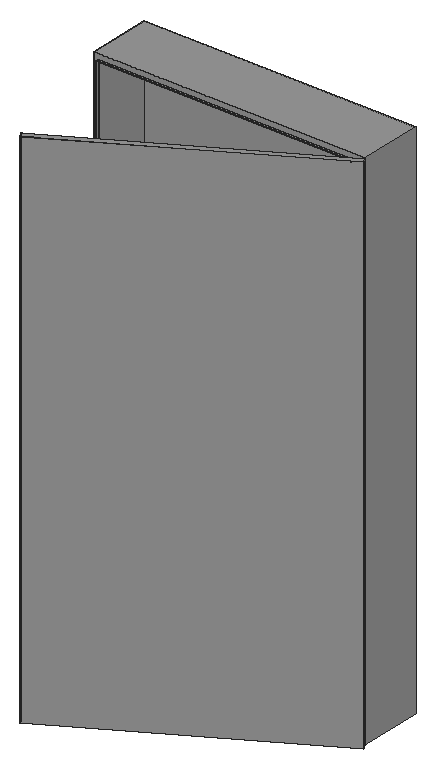
Revit family "Hager-Univers-IP44-D205-H1550-Cl.II-Encl-NoHosted-PT-pt", category Electrical Equipment, Revit 2020
Family settings
  Panel Configuration = Two Columns, Circuits Across
  Round Connector Dimension = Use Diameter
  Part Type = Panelboard
  Work Plane-Based = Yes
  Always vertical = Yes
  Cut with Voids When Loaded = No
  Shared = No
  Room Calculation Point = No
Parameters (values of type "Montagem em superfície (gesso) IP44 L800 A1550 P205  - FP03SN2")
  Width Control [instance] = if([EF000008 - Largura] > Min Width, [EF000008 - Largura], Min Width)  # 800 mm
  Type Comments = [HG000003 - Gama]  # "Univers"
  Thickness Door [instance] = if([EF009171 - Espessura do material da porta/tampa] > 3 mm, 3 mm, [EF009171 - Espessura do material da porta/tampa])  # 1 mm
  Seal Frame Offset [instance] = 17 mm  # constant formula
  Plinth Visibility [instance] = [HG000027 - Altura da Plinta] > 0 mm  # no
  Min Width [instance] = 100 mm  # constant formula
  Min Depth [instance] = (2 * [EF009170 - Espessura do material do invólucro]) + 1 mm  # 3 mm
  Min Height [instance] = 100 mm  # constant formula
  Internal Frame Depth [instance] = (Door System Depth * 0.5)  # 9 mm
  Panel Name [instance] = ""  # (empty or 0)
  Model = ""
  HG000027 - Altura da Plinta = 0 mm
  HG000026 - Instalação no chão = no
  HG000024 - Altura da secção inferior = 600 mm
  HG000023 - Recinto de secção dupla = no
  HG000016 - Visibilidade da porta 3D [instance] = yes
  HG000015 - Visibilidade através da porta [instance] = no
  HG000014 - Porta à direita [instance] = yes
  HG000013 - Porta à esquerda [instance] = not([HG000014 - Porta à direita])  # no
  HG000012 - Ângulo de abertura de porta [instance] = 30.00°
  HG000010 - Portas assimétricas = no
  HG000009 - Porta dupla = no
  HG000006 - Encastrado = no
  HG000004 - Referência do Fabricante = "FP03SN2"
  HG000003 - Gama = "Univers"
  HG000002 - Com porta ou tampa = yes
  Frame Offset Bottom [instance] = 10 mm  # constant formula
  Frame Offset [instance] = 15 mm  # constant formula
  EF015940 - Tampa com libertação de sobrepressão = no
  EF011959 - Grau de proteção (NEMA) = ""
  EF009554 - Número de aberturas para placas de flange = 6
  EF009212 - Tipo de tampa = "EV000116 - Fechado"
  EF009171 - Espessura do material da porta/tampa = 1 mm
  EF009170 - Espessura do material do invólucro = 1 mm
  EF008873 - Corrente nominal (In) = 250 A
  EF007800 - Adequado para proteção contra raios = no
  EF006306 - Com fecho = no
  EF006244 - Tampa/porta transparente = no
  EF005474 - Grau de proteção (IP) = "EV006418 - IP44"
  EF004464 - Tipo de porta = "EV002646 - Único"
  EF004427 - Número de módulos = 360
  EF004293 - Força de impacto = "EV006815 - IK09"
  EF003532 - Adequado para uso no exterior = no
  EF002950 - Largura em número de módulos = 36
  EF001613 - Integridade do circuito = "EV000494 - Nenhum"
  EF001596 - Material do corpo = "EV000179 - Aço"
  EF001131 - Profundidade interior = 143 mm
  EF001088 - Extensão possível = yes
  EF000437 - Número de entradas de condutores = 6
  EF000339 - Tipo de difusor = "EV001012 - Tampa"
  EF000266 - Número de linhas = 10
  EF000218 - Profundidade incorporada = 205 mm
  EF000118 - Com tampa de montagem = no
  EF000116 - Número RAL = "9010"
  EF000049 - Profundidade = 205 mm
  EF000040 - Altura = 1550 mm
  EF000008 - Largura = 800 mm
  EF000007 - Cor = "EV000202 - Branco"
  EF000003 - Método de montagem = "EV000384 - Montagem em superfície (gesso)"
  Door System Leaf Tolerance [instance] = 1.5 mm  # constant formula
  Door System Depth [instance] = 18 mm  # constant formula
  Door Height [instance] = Height Control - [HG000027 - Altura da Plinta]  # 1550 mm
  Description = ""
  Default Elevation = 1219.2 mm
  Connector Offset [instance] = Height Control / 2  # 775 mm
  Manufacturer = "Hager"  # constant formula
  Height Control [instance] = if([EF000040 - Altura] > Min Height, [EF000040 - Altura], Min Height)  # 1550 mm
  Depth Control [instance] = if([EF000049 - Profundidade] > Min Depth, [EF000049 - Profundidade], Min Depth)  # 205 mm
  Bottom Top Plate Trim [instance] = 1.5 mm  # constant formula
  Plinth height Ctrl [instance] = if([HG000027 - Altura da Plinta] > 0 mm, [HG000027 - Altura da Plinta], 12 mm)  # 12 mm
Types (5, lengths in mm): name | Width Control | HG000009 - Porta dupla | HG000004 - Referência do Fabricante | EF009554 - Número de aberturas para placas de flange | EF008873 - Corrente nominal (In) | EF004464 - Tipo de porta | EF004427 - Número de módulos | EF002950 - Largura em número de módulos | EF001131 - Profundidade interior | EF000437 - Número de entradas de condutores | EF000008 - Largura
  Montagem em superfície (gesso) IP44 L1050 A1550 P205  - FP04SN2 | 1050 | yes | "FP04SN2" | 8 | 400 A | "EV003602 - Duplo" | 480 | 48 | 143 | 8 | 1050
  Montagem em superfície (gesso) IP44 L1300 A1550 P205  - FP05SN2 | 1300 | yes | "FP05SN2" | 10 | 400 A | "EV003602 - Duplo" | 600 | 60 | 143 | 10 | 1300
  Montagem em superfície (gesso) IP44 L300 A1550 P205  - FP01SN2 | 300 | no | "FP01SN2" | 2 | 250 A | "EV002646 - Único" | 120 | 12 | 130 | 2 | 300
  Montagem em superfície (gesso) IP44 L550 A1550 P205  - FP02SN2 | 550 | no | "FP02SN2" | 4 | 250 A | "EV002646 - Único" | 240 | 24 | 143 | 4 | 550
  Montagem em superfície (gesso) IP44 L800 A1550 P205  - FP03SN2 | 800 | no | "FP03SN2" | 6 | 250 A | "EV002646 - Único" | 360 | 36 | 143 | 6 | 800
Reference planes
  plane 1 "Center (Front/Back)": y = 0
  plane 2: z = 0
  plane 3 "Center (Left/Right)": x = 0
  plane 4: y = 0
  plane 5: y = 0
  plane 6: z = 0
  plane 7: x = -400
  plane 8: x = 400
  plane 9: x = 399
  plane 10: x = -399
  plane 11: z = 0
  plane 12: z = 1
  plane 13: y = -205
  plane 14: y = -1
  plane 15: x = 0
  plane 16: y = -187
  plane 17: y = -204
  plane 18: y = -186
  plane 19: x = -384
  plane 20: x = 384
  plane 21: z = 11
  plane 22: x = -383
  plane 23: x = 383
  plane 24: z = 0
  plane 25: z = 1550
  plane 26: z = 1550
  plane 27: z = 1534
  plane 28: z = 1549
Forms (mm)
  Extrusion 1, solid, material "Hager_Steel_RAL7035_Light_Grey", detail levels medium+fine
    sketch origin (-208.679, -4572, 0) x (-1, 0, 0) y (0, -1, 0)
      loop
        line (191.321, -4385) -> (-608.679, -4385) -> (-608.679, -4572) -> (191.321, -4572) -> (191.321, -4385)
    from 0 to 1550
  Extrusion 2, void
    sketch origin (-350.771, -205, 1219.2) x (1, 0, 0) y (0, 0, 1)
      loop
        line (-48.229, 329.8) -> (-48.229, -1218.2) -> (749.771, -1218.2) -> (749.771, 329.8) -> (-48.229, 329.8)
    from -19 to -204
  Extrusion 3, void
    sketch origin (-290.084, -187, 1219.2) x (1, 0, 0) y (0, 0, 1)
      loop
        line (-93.916, -1208.2) -> (674.084, -1208.2) -> (674.084, 314.8) -> (-93.916, 314.8) -> (-93.916, -1208.2)
    from 0 to -1
  Extrusion 4, solid, material "Hager_Steel_RAL7035_Light_Grey", visible <- "Plinth Visibility", detail levels medium+fine
    sketch origin (0, 0, 0) x (1, 0, 0) y (0, 1, 0)
      loop
        line (-400, 0) -> (-400, -187) -> (400, -187) -> (400, 0) -> (-400, 0)
    from 0 to 12 <- "Plinth height Ctrl"
  Extrusion 5, solid, material "Hager_Steel_RAL7035_Light_Grey", detail levels coarse
    sketch origin (0, 0, 0) x (1, 0, 0) y (0, 1, 0)
      loop
        line (-400, 0) -> (-400, -205) -> (400, -205) -> (400, 0) -> (-400, 0)
    from 0 to 1550 <- "Height Control"
  Sweep 6, void
    path in 3D
      loop
        line (-400, -187, 12) -> (400, -187, 12) -> (400, 0, 12) -> (-400, 0, 12) -> (-400, -187, 12)
    profile origin (-400, -93.5, 12) x (1, 0, 0) y (0, 0, 1)
      loop
        line (0, 0) -> (0, -1.5) -> (1.5, -1.5)
        arc (1.5, -1.5) -> (1.061, -0.439) -> (0, 0) r 1.5
  Extrusion 7, solid, material "Hager_Steel_RAL7035_Light_Grey", detail levels fine
    sketch origin (-400, -187, 0) x (1, 0, 0) y (0, 0, 1)
      loop
        line (16, 11) -> (784, 11) -> (784, 1534) -> (16, 1534) -> (16, 11)
      loop
        line (15, 10) -> (785, 10) -> (785, 1535) -> (15, 1535) -> (15, 10)
    from 0 to 9 <- "Internal Frame Depth"
Cuts and joins
  Extrusion 2, Extrusion 3 cuts Extrusion 1
  Sweep 6 cuts Extrusion 4
Lines and regions (mm)
  Masking region 1
    outline origin (0, 0, 0) x (1, 0, 0) y (0, 1, 0)
      loop
        line (-400, 0) -> (-400, -205) -> (400, -205) -> (400, 0) -> (-400, 0)
  Masking region 2, detail levels coarse
    outline origin (-290.084, -187, 1219.2) x (-1, 0, 0) y (0, 0, 1)
      loop
        line (-690.084, -1219.2) -> (109.916, -1219.2) -> (109.916, 330.8) -> (-690.084, 330.8) -> (-690.084, -1219.2)
  Masking region 3, detail levels coarse
    outline origin (0, 0, 0) x (0, 1, 0) y (0, 0, 1)
      loop
        line (0, 0) -> (0, 1550) -> (-205, 1550) -> (-205, 0) -> (0, 0)
  Masking region 4, visible <- "Plinth Visibility", detail levels medium+fine
    outline origin (0, 0, 0) x (0, 1, 0) y (0, 0, 1)
      loop
        line (-1.5, 12) -> (-185.5, 12)
        arc (-185.5, 12) -> (-185.939, 10.939) -> (-187, 10.5) r 1.5
        line (-187, 10.5) -> (-187, 0) -> (0, 0) -> (0, 10.5)
        arc (0, 10.5) -> (-1.061, 10.939) -> (-1.5, 12) r 1.5
  Masking region 5, detail levels medium+fine
    outline origin (0, 0, 594.038) x (0, 1, 0) y (0, 0, 1)
      loop
        line (0, -594.038) -> (0, 955.962) -> (-187, 955.962) -> (-187, -594.038) -> (0, -594.038)
  Masking region 6, detail levels medium+fine
    outline origin (-359.7, -187, 1211.883) x (-1, 0, 0) y (0, 0, 1)
      loop
        line (-759.7, -1211.883) -> (40.3, -1211.883) -> (40.3, 338.117) -> (-759.7, 338.117) -> (-759.7, -1211.883)
  Masking region 7, visible <- "Plinth Visibility", detail levels medium+fine
    outline origin (-320.334, -187, 1041.368) x (-1, 0, 0) y (0, 0, 1)
      loop
        line (-720.334, -1041.368) -> (79.666, -1041.368) -> (79.666, -1030.868)
        arc (79.666, -1030.868) -> (78.606, -1030.429) -> (78.166, -1029.368) r 1.5
        line (78.166, -1029.368) -> (-718.834, -1029.368)
        arc (-718.834, -1029.368) -> (-719.273, -1030.429) -> (-720.334, -1030.868) r 1.5
        line (-720.334, -1030.868) -> (-720.334, -1041.368)
  sketch lines
    curve 1: line (-400, 0, 12) -> (-400, -187, 12)
    curve 2: line (-400, -187, 12) -> (400, -187, 12)
    curve 3: line (400, 0, 12) -> (-400, 0, 12)
    curve 4: line (400, -187, 12) -> (400, 0, 12)
Dimensions and locks
  locked: plane 1 "Center (Front/Back)" to plane 5
  "EF009170 - Espessura do material do invólucro": plane 7 to plane 10
  "EF009170 - Espessura do material do invólucro": plane 8 to plane 9
  equal spacing: plane 7, plane 3 "Center (Left/Right)", plane 8
  "Width Control": plane 7 to plane 8
  "Depth Control": plane 4 to plane 13
  "EF009170 - Espessura do material do invólucro": plane 4 to plane 14
  "Height Control": plane 25 to level
  "HG000027 - Altura da Plinta": plane 11 to level
  "EF009170 - Espessura do material do invólucro": plane 12 to plane 11
  "EF009170 - Espessura do material do invólucro": plane 17 to plane 13
  "EF009170 - Espessura do material do invólucro": plane 18 to plane 16
  "Frame Offset Bottom": plane 21 to plane 12
  "Frame Offset": plane 10 to plane 19
  "Frame Offset": plane 9 to plane 20
  "Door System Depth": plane 16 to plane 13
  "Seal Frame Offset": plane 7 to plane 22
  "Seal Frame Offset": plane 8 to plane 23
  "EF009170 - Espessura do material do invólucro": plane 26 to plane 28
  "Frame Offset": plane 28 to plane 27
  "Connector Offset": plane 2 to connector elem
  "Bottom Top Plate Trim": profile plane to Sweep 6 sketch curve
  "Bottom Top Plate Trim": Sweep 6 sketch curve to Sweep 6 sketch curve
  "Plinth height Ctrl": Masking region 4 sketch curve to level
  "Plinth height Ctrl": Masking region 7 sketch curve to level
  "Thickness Door": Extrusion 7 sketch curve to Extrusion 7 sketch curve  (x4)
  "Bottom Top Plate Trim": radius of Sweep 6 sketch curve
  "Bottom Top Plate Trim": radius of Masking region 4 sketch curve  (x2)
  "Bottom Top Plate Trim": radius of Masking region 7 sketch curve  (x2)
  aligned and locked: Extrusion 2 sketch curve to plane 12
  aligned and locked: Extrusion 2 sketch curve to plane 9
  aligned and locked: Extrusion 2 sketch curve to plane 10
  aligned and locked: Extrusion 2 to plane 14
  aligned and locked: Extrusion 1 sketch curve to plane 4
  aligned and locked: plane 8 to Extrusion 1 sketch curve
  aligned and locked: plane 7 to Extrusion 1 sketch curve
  aligned and locked: Extrusion 2 to plane 18
  aligned and locked: Extrusion 3 sketch curve to plane 19
  aligned and locked: plane 20 to Extrusion 3 sketch curve
  aligned and locked: Extrusion 3 to Extrusion 2
  aligned and locked: Extrusion 3 sketch curve to plane 21
  aligned and locked: plane 3 "Center (Left/Right)" to nested 1
  aligned and locked: Extrusion 1 sketch curve to plane 16
  aligned and locked: Extrusion 4 sketch curve to cut or joined group of Extrusion 1, Extrusion 2, Extrusion 3
  aligned and locked: Masking region 1 sketch curve to plane 7
  aligned and locked: Masking region 1 sketch curve to plane 5
  aligned and locked: Masking region 1 sketch curve to plane 8
  aligned and locked: Masking region 2 sketch curve to level
  aligned and locked: level to Masking region 3 sketch curve
  aligned and locked: plane 1 "Center (Front/Back)" to Masking region 3 sketch curve
  aligned and locked: plane 13 to Masking region 3 sketch curve
  aligned and locked: plane 5 to Masking region 4 sketch curve
  aligned and locked: Masking region 2 sketch curve to plane 8
  aligned and locked: Masking region 2 sketch curve to plane 7
  aligned and locked: plane 7 to nested 2
  aligned and locked: nested 2 to plane 5
  aligned and locked: plane 5 to Masking region 5 sketch curve
  aligned and locked: plane 26 to Masking region 5 sketch curve
  aligned and locked: Extrusion 5 sketch curve to plane 8
  aligned and locked: Extrusion 5 sketch curve to plane 7
  aligned and locked: Extrusion 5 sketch curve to plane 5
  aligned and locked: Extrusion 3 sketch curve to plane 27
  aligned and locked: Extrusion 2 sketch curve to plane 28
  aligned and locked: Masking region 2 to plane 25
  aligned and locked: Extrusion 4 to plane 16
  aligned and locked: profile plane to Sweep 6 sketch curve
  aligned and locked: Masking region 5 sketch curve to plane 24
  aligned and locked: level to Masking region 4 sketch curve
  aligned and locked: Masking region 1 to plane 13
  aligned and locked: nested 1 to plane 16
  aligned and locked: Masking region 3 to plane 25
  aligned and locked: plane 16 to Masking region 4 sketch curve
  aligned and locked: Masking region 5 sketch curve to plane 16
  aligned and locked: plane 24 to plane 11
  aligned and locked: plane 26 to plane 25
  aligned and locked: plane 26 to cut or joined group of Extrusion 1, Extrusion 2, Extrusion 3
  aligned and locked: nested 1 to plane 24
  aligned and locked: Extrusion 1 to Extrusion 3
  aligned and locked: Masking region 6 sketch curve to plane 8
  aligned and locked: Masking region 6 sketch curve to plane 24
  aligned and locked: Masking region 6 sketch curve to plane 7
  aligned and locked: Masking region 6 sketch curve to plane 26
  aligned and locked: Masking region 7 sketch curve to plane 7
  aligned and locked: level to Masking region 7 sketch curve
  aligned and locked: Masking region 7 sketch curve to plane 8
  aligned and locked: Extrusion 7 sketch curve to cut or joined group of Extrusion 1, Extrusion 2, Extrusion 3  (x4)
Automatic sketch dimensions
  plane 19 to Extrusion 3 sketch curve = 0 mm
  Extrusion 3 sketch curve to plane 20 = 0 mm
  Extrusion 3 sketch curve to plane 21 = 0 mm
  Extrusion 4 sketch curve to plane 7 = 0 mm
  Extrusion 4 sketch curve to plane 8 = 0 mm
  Extrusion 4 sketch curve to plane 16 = 0 mm
  Masking region 1 sketch curve to plane 13 = 0 mm
  Masking region 2 sketch curve to plane 25 = 0 mm
  Masking region 3 sketch curve to plane 25 = 0 mm
  Extrusion 5 sketch curve to plane 13 = 0 mm
  profile plane to Sweep 6 sketch curve = 0 mm
Nested families
  nested 1: "EC000058_Univers_Door" at (0, -187, 0), Double <- "HG000009 - Porta dupla", Transparent <- "EF006244 - Tampa/porta transparente", Angle <- "HG000012 - Ângulo de abertura de porta", Door_Right <- "HG000014 - Porta à direita", Assymetrical <- "HG000010 - Portas assimétricas", Door <- "HG000002 - Com porta ou tampa", Width_Ctrl <- "Width Control", 3d_Door <- "HG000016 - Visibilidade da porta 3D", Clearance <- "HG000015 - Visibilidade através da porta", Door_Left <- "HG000013 - Porta à esquerda", Width <- "Width Control", Door_Depth <- "Door System Depth", Leaf_Tolerance <- "Door System Leaf Tolerance", Height <- "Door Height", Lock_Visibility <- "EF006306 - Com fecho", Thickness <- "Thickness Door", type "EC000058_Univers_Door", detail levels medium+fine
    with min_wh 3 mm, Width_Ctrl 800 mm, Width 800 mm, Transparent no, Thickness 1 mm, Seal_Material Hager_Rubber, Lock_Visibility no, Lock_Material Hager_Plastic_RAL9005_Jet_Black, Leaf_Width 800 mm, Leaf_Tolerance_External_Sides 0 mm, Leaf_Tolerance 1.5 mm, Leaf_Offset 0 mm, Leaf_Height 1547 mm, Leaf_2_Width 800 mm, Leaf_2_Offset 400 mm, Leaf_1_Width 800 mm, Leaf_1_Offset 400 mm, Height_Ctrl 1550 mm, Height 1550 mm, Glass_Material Hager_Glass, Double_Clearance_Ctrl no, Double no, Door_Right_Ctrl yes, Door_Right yes, Door_Material Hager_Steel_RAL7035_Light_Grey, Door_Left_Ctrl no, Door_Left no, Door_Depth 18 mm, Door yes, Clearance_Material Hager_Clearance, Clearance_Depth 800 mm, Clearance_Ctrl no, Clearance no, Assymetrical no, Angle 30.00°, 3d_Door yes
  nested 2: "Hager_Enclosure_Symbol" at (-400, 0, 0), Height <- "Depth Control", Width <- "Width Control", type "Hager_Enclosure_Symbol"
    with Width_Ctrl 800 mm, Width 800 mm, Height_Ctrl 205 mm, Height 205 mm, A_Width_Int 13.453 mm, A_Width 161.438 mm, A_Height_Ctrl 179.375 mm, A_Height 179.375 mm
Connectors
  electrical at (0, 0, 775)
    settings: on plane 1 "Center (Front/Back)", index 1, voltage 0 V, apparent load 0 VA, apparent load phase1 0 VA, apparent load phase2 0 VA, apparent load phase3 0 VA, power factor 1, load classification "Other", number of poles 1, system type 30, power factor state 1, is connector primary yes, connector utility no, sub classification motor no, connector description ""
Definition of nested family "EC000058_Univers_Door"
  Parameters (values of type "EC000058_Univers_Door")
    min_wh [instance] = (2 * Thickness) + 1 mm  # 11 mm
    Width_Ctrl [instance] = 400 mm
    Width [instance] = 500 mm
    Transparent [instance] = yes
    Thickness [instance] = 5 mm
    Seal_Material [instance] = none
    Lock_Visibility [instance] = yes
    Lock_Material [instance] = none
    Leaf_Width [instance] = if((Width_Ctrl - 2 * Leaf_Tolerance_External_Sides) > 0 mm, (Width_Ctrl - 2 * Leaf_Tolerance_External_Sides), min_wh)  # 400 mm
    Leaf_Tolerance_External_Sides [instance] = 0 mm  # constant formula
    Leaf_Tolerance [instance] = 1.5 mm
    Leaf_Offset [instance] = 0 mm  # constant formula
    Leaf_Height [instance] = if((Height_Ctrl - 2 * Leaf_Tolerance) > 0 mm, (Height_Ctrl - 2 * Leaf_Tolerance), min_wh)  # 497 mm
    Leaf_2_Width [instance] = if(and(and(Double, Assymetrical), Door_Left), (Leaf_Width / 3) - (Leaf_Tolerance / 2), if(and(and(Double, Assymetrical), Door_Right), (Leaf_Width / 3) * 2 - (Leaf_Tolerance / 2), if(and(Double, not(Assymetrical)), (Leaf_Width / 2) - Leaf_Tolerance, Leaf_Width)))  # 400 mm
    Leaf_2_Offset [instance] = if(and(Double, Assymetrical), Leaf_2_Width / 2, if(and(Double, not(Assymetrical)), Leaf_Width / 4, Leaf_Width / 2))  # 200 mm
    Leaf_1_Width [instance] = if(and(and(Double, Assymetrical), Door_Right), (Leaf_Width / 3) - (Leaf_Tolerance / 2), if(and(and(Double, Assymetrical), Door_Left), (Width / 3) * 2 - (Leaf_Tolerance / 2), if(and(Double, not(Assymetrical)), (Leaf_Width / 2) - Leaf_Tolerance, Leaf_Width)))  # 400 mm
    Leaf_1_Offset [instance] = if(and(Double, Assymetrical), Leaf_1_Width / 2, if(and(Double, not(Assymetrical)), Leaf_Width / 4, Leaf_Width / 2))  # 200 mm
    Height_Ctrl [instance] = if(Height > min_wh, Height, min_wh)  # 500 mm
    Height [instance] = 500 mm
    Glass_Material [instance] = none
    Double_Clearance_Ctrl [instance] = and(Double, Clearance)  # no
    Double [instance] = no
    Door_Right_Ctrl [instance] = and(or(Door_Right, Double), Door)  # yes
    Door_Right [instance] = yes
    Door_Material [instance] = none
    Door_Left_Ctrl [instance] = and(or(Door_Left, Double), Door)  # no
    Door_Left [instance] = no
    Door_Depth [instance] = 30 mm
    Door [instance] = yes
    Default Elevation = 1219.2 mm
    Clearance_Material [instance] = none
    Clearance_Depth [instance] = if(Leaf_1_Width > Leaf_2_Width, Leaf_1_Width, Leaf_2_Width)  # 400 mm
    Clearance_Ctrl [instance] = and(not(Double), Clearance)  # yes
    Clearance [instance] = yes
    Assymetrical [instance] = yes
    Angle [instance] = 30.00°
    3d_Door [instance] = yes
  Reference planes
    plane 1 "Center (Front/Back)": y = 0
    plane 2 "Bottom": z = 0
    plane 3 "Center (Left/Right)": x = 0
    plane 4: z = 500
    plane 5: x = -200
    plane 6: x = 200
    plane 7: z = 500
    plane 8: x = -200
    plane 9: z = 0
    plane 10: x = 200
    plane 11: y = 0
    plane 12: z = 1.5
    plane 13: x = -600
    plane 14: y = -400
    plane 15: x = 600
    plane 16: x = 0
    plane 17: x = 0
    plane 18: x = -200
    plane 19: x = 200
    plane 20: z = 498.5
  Forms (mm)
    Extrusion 1, solid, material <- "Clearance_Material", visible <- "Double_Clearance_Ctrl"
      sketch origin (1200, 0, 0) x (1, 0, 0) y (0, 0, -1)
        loop
          line (-1800, -498.5) -> (-600, -498.5) -> (-600, 0) -> (-1800, 0) -> (-1800, -498.5)
      from 0 to -400
  Dimensions and locks
    equal spacing: plane 5, plane 3 "Center (Left/Right)", plane 6
    "Width_Ctrl": plane 5 to plane 6
    "Leaf_Offset": plane 5 to plane 8
    "Leaf_Offset": plane 6 to plane 10
    "Leaf_Offset": plane 9 to level
    "Leaf_Offset": plane 4 to plane 7
    "Height_Ctrl": plane 4 to level
    "Leaf_Tolerance": plane 12 to plane 9
    locked: plane 11 to plane 1 "Center (Front/Back)"
    "Leaf_1_Offset": plane 18 to plane 16
    "Leaf_2_Offset": plane 17 to plane 19
    "Leaf_1_Width": plane 13 to plane 8
    "Leaf_2_Width": plane 10 to plane 15
    "Clearance_Depth": plane 14 to plane 1 "Center (Front/Back)"
    "Leaf_Tolerance_External_Sides": plane 8 to plane 18
    "Leaf_Tolerance_External_Sides": plane 19 to plane 10
    "Leaf_Tolerance": plane 7 to plane 20
    aligned and locked: level to plane 2 "Bottom"
    aligned and locked: nested 1 to plane 16
    aligned and locked: nested 2 to plane 17
    aligned and locked: Extrusion 1 to plane 13
    aligned and locked: plane 15 to Extrusion 1
    aligned and locked: Extrusion 1 to plane 14
    aligned and locked: plane 12 to nested 1
    aligned and locked: nested 2 to plane 12
    aligned and locked: Extrusion 1 to plane 11
    aligned and locked: plane 20 to Extrusion 1
    aligned and locked: nested 2 to plane 11
    aligned and locked: nested 1 to plane 11
  Automatic sketch dimensions
    Extrusion 1 sketch curve to level = 0 mm
    plane 5 to Extrusion 1 sketch curve = 400 mm
    plane 6 to Extrusion 1 sketch curve = 400 mm
    Extrusion 1 sketch curve to plane 4 = 1.5 mm
  Nested families
    nested 1: "EC000058_Univers_Door_Leaf" at (0, 0, 1.5), Width <- "Leaf_1_Width", visible <- "Door_Left_Ctrl", Leaf_Height <- "Leaf_Height", Angle <- "Angle", 3d_Door <- "3d_Door", Transparent <- "Transparent", Clearance Material <- "Clearance_Material", Clearance <- "Clearance_Ctrl", Door_Material <- "Door_Material", Glass_Material <- "Glass_Material", Door_Depth <- "Door_Depth", Lock_Material <- "Lock_Material", Seal_Material <- "Seal_Material", Lock_Visibility <- "Lock_Visibility", Thickness <- "Thickness", type "EC000058_Univers_Door_Leaf"
      with Width 400 mm, Transparent_Glass_Offset 30 mm, Transparent_Ctrl yes, Transparent yes, Thickness 5 mm, Standard no, Seal_Material none, Seal_D2 8 mm, Seal_D1 1 mm, Offset_Internal_Frame 10 mm, Lock_Width 20 mm, Lock_Visibility_3d yes, Lock_Visibility yes, Lock_Thickness_3 3 mm, Lock_Thickness_2 1 mm, Lock_Thickness_1 3 mm, Lock_Radius_Offset_2 16 mm, Lock_Radius_Offset_1 15 mm, Lock_Radius_2 5 mm, Lock_Radius 6 mm, Lock_Offset 5 mm, Lock_Material none, Lock_Height 80 mm, Lock_Cover_Top_Offset_2d 17 mm, Lock_Cover_Height -65 mm, Leaf_Height 497 mm, Internal_Seal_Thickness 8 mm, Internal_Seal_Depth_2 4.5 mm, Internal_Frame_Depth 25 mm, Glass_Thickness -1 mm, Glass_Offset -2 mm, Glass_Material none, Door_Material none, Door_Depth 30 mm, Clearance Material none, Clearance yes, Angle_Ctrl 30.00°, Angle 30.00°, 3d_Door yes
    nested 2: "EC000058_Univers_Door_Leaf" at (0, 0, 1.5) x (-1, 0, 0) z (0, 0, 1), Width <- "Leaf_2_Width", visible <- "Door_Right_Ctrl", Leaf_Height <- "Leaf_Height", Angle <- "Angle", 3d_Door <- "3d_Door", Transparent <- "Transparent", Clearance Material <- "Clearance_Material", Clearance <- "Clearance_Ctrl", Door_Material <- "Door_Material", Glass_Material <- "Glass_Material", Door_Depth <- "Door_Depth", Lock_Material <- "Lock_Material", Seal_Material <- "Seal_Material", Lock_Visibility <- "Lock_Visibility", Thickness <- "Thickness", type "EC000058_Univers_Door_Leaf"
      with Width 400 mm, Transparent_Glass_Offset 30 mm, Transparent_Ctrl yes, Transparent yes, Thickness 5 mm, Standard no, Seal_Material none, Seal_D2 8 mm, Seal_D1 1 mm, Offset_Internal_Frame 10 mm, Lock_Width 20 mm, Lock_Visibility_3d yes, Lock_Visibility yes, Lock_Thickness_3 3 mm, Lock_Thickness_2 1 mm, Lock_Thickness_1 3 mm, Lock_Radius_Offset_2 16 mm, Lock_Radius_Offset_1 15 mm, Lock_Radius_2 5 mm, Lock_Radius 6 mm, Lock_Offset 5 mm, Lock_Material none, Lock_Height 80 mm, Lock_Cover_Top_Offset_2d 17 mm, Lock_Cover_Height -65 mm, Leaf_Height 497 mm, Internal_Seal_Thickness 8 mm, Internal_Seal_Depth_2 4.5 mm, Internal_Frame_Depth 25 mm, Glass_Thickness -1 mm, Glass_Offset -2 mm, Glass_Material none, Door_Material none, Door_Depth 30 mm, Clearance Material none, Clearance yes, Angle_Ctrl 30.00°, Angle 30.00°, 3d_Door yes
  Definition of nested family "EC000058_Univers_Door_Leaf"
    Parameters (values of type "EC000058_Univers_Door_Leaf")
      Width [instance] = 2000 mm
      Transparent_Glass_Offset [instance] = 30 mm
      Transparent_Ctrl [instance] = and(Transparent, [3d_Door])  # yes
      Transparent [instance] = yes
      Thickness [instance] = 5 mm
      Standard [instance] = and(not(Transparent), [3d_Door])  # no
      Seal_Material [instance] = none
      Seal_D2 [instance] = 8 mm  # constant formula
      Seal_D1 [instance] = 1 mm  # constant formula
      Offset_Internal_Frame [instance] = 10 mm  # constant formula
      Lock_Width [instance] = 20 mm  # constant formula
      Lock_Visibility_3d [instance] = and(Lock_Visibility, [3d_Door])  # yes
      Lock_Visibility [instance] = yes
      Lock_Thickness_3 [instance] = 3 mm  # constant formula
      Lock_Thickness_2 [instance] = 1 mm  # constant formula
      Lock_Thickness_1 [instance] = 3 mm  # constant formula
      Lock_Radius_Offset_2 [instance] = Lock_Radius_Offset_1 + 1 mm  # 16 mm
      Lock_Radius_Offset_1 [instance] = 15 mm  # constant formula
      Lock_Radius_2 [instance] = Lock_Radius - 1 mm  # 5 mm
      Lock_Radius [instance] = 6 mm  # constant formula
      Lock_Offset [instance] = 5 mm  # constant formula
      Lock_Material [instance] = none
      Lock_Height [instance] = 80 mm  # constant formula
      Lock_Cover_Top_Offset_2d [instance] = Lock_Radius_Offset_2 + 1 mm  # 17 mm
      Lock_Cover_Height [instance] = -(Lock_Height - Lock_Radius_Offset_1)  # -65 mm
      Leaf_Height [instance] = 2720.336 mm
      Internal_Seal_Thickness [instance] = 8 mm  # constant formula
      Internal_Seal_Depth_2 [instance] = 4.5 mm  # constant formula
      Internal_Frame_Depth [instance] = if(Door_Depth - Thickness > 5 mm, Door_Depth - Thickness, 5 mm)  # 25 mm
      Glass_Thickness [instance] = if(Thickness > 15 mm, Glass_Offset + 10 mm, -1 mm)  # -1 mm
      Glass_Offset [instance] = if(Thickness > 15 mm, -(Thickness + 10 mm) / 2, -2 mm)  # -2 mm
      Glass_Material [instance] = none
      Door_Material [instance] = none
      Door_Depth [instance] = 30 mm
      Default Elevation = 0 mm
      Clearance Material [instance] = none
      Clearance [instance] = yes
      Angle_Ctrl [instance] = if(Angle > 180.00°, 180.00°, Angle)  # 90.00°
      Angle [instance] = 90.00°
      3d_Door [instance] = yes
    Reference planes
      plane 1 "Center (Front/Back)": y = 0
      plane 2: z = 0
      plane 3 "Center (Left/Right)": x = 0
      plane 4: y = 2000
      plane 5: x = -1000
      plane 6: x = 1000
      plane 7: x = -3000
      plane 8: z = 2720.336
      plane 9: z = 30
      plane 10: z = 2690.336
      plane 11: x = 970
      plane 12: x = -970
      plane 13: y = -3
      plane 14: z = 107.833
      plane 15: y = -5
      plane 16: y = -223.314
      plane 17: x = -1000
      plane 18: z = 1360.168
      plane 19: y = 30
    Forms (mm)
      Extrusion 1, solid, material <- "Clearance Material", visible <- "Clearance"
        sketch origin (0, 0, 0) x (1, 0, 0) y (0, 0, 1)
          loop
            line (-3000, 2720.336) -> (-3000, 0) -> (1000, 0) -> (1000, 2720.336) -> (-3000, 2720.336)
        from 0 to -2000
      Extrusion 2, solid, material <- "Door_Material", visible <- "Standard", detail levels medium+fine
        sketch origin (-1000, 0, 0) x (0, 1, 0) y (-1, 0, 0)
          loop
            line (0, 30) -> (0, 25) -> (2000, 25) -> (2000, 30) -> (0, 30)
        from 0 to 2720.336 <- "Leaf_Height"
      Extrusion 3, solid, material <- "Door_Material", visible <- "Transparent_Ctrl", detail levels medium+fine
        sketch origin (-1000, 0, 0) x (0, 1, 0) y (-1, 0, 0)
          loop
            line (0, 25) -> (2000, 25) -> (2000, 30) -> (0, 30) -> (0, 25)
        from 0 to 2720.336 <- "Leaf_Height"
      Extrusion 4, void
        sketch origin (-1025, 2000, 0) x (0, 1, 0) y (0, 0, -1)
          loop
            line (-30, -2690.336) -> (-30, -30) -> (-1970, -30) -> (-1970, -2690.336) -> (-30, -2690.336)
        from 0 to 5 <- "Thickness"
      Sweep 5, solid, material <- "Seal_Material", visible <- "Transparent_Ctrl", detail levels fine
        path in 3D
          loop
            line (-1025, 30, 30) -> (-1025, 30, 2690.336) -> (-1025, 1970, 2690.336) -> (-1025, 1970, 30) -> (-1025, 30, 30)
        profile origin (-1025, 1000, 30) x (1, 0, 0) y (0, 0, 1)
          loop
            line (0, 0) -> (0, -8) -> (1, -8) -> (1, 0) -> (0, 0)
      Extrusion 6, solid, material <- "Glass_Material", visible <- "Transparent_Ctrl", detail levels medium+fine
        sketch origin (-1030, 0, 0) x (0, 1, 0) y (0, 0, -1)
          loop
            line (1970, -2690.336) -> (1970, -30) -> (30, -30) -> (30, -2690.336) -> (1970, -2690.336)
        from -2 <- "Glass_Offset" to -1 <- "Glass_Thickness"
      Extrusion 7, solid, material <- "Door_Material", visible <- "3d_Door", detail levels medium+fine
        sketch origin (-1025, 2000, 0) x (0, -1, 0) y (0, 0, -1)
          loop
            line (0, -2720.336) -> (2000, -2720.336) -> (2000, 0) -> (0, 0) -> (0, -2720.336)
          loop
            line (1995, -5) -> (5, -5) -> (5, -2715.336) -> (1995, -2715.336) -> (1995, -5)
        from 0 to 25 <- "Internal_Frame_Depth"
      Sweep 8, solid, material <- "Seal_Material", visible <- "Transparent_Ctrl", detail levels fine
        path in 3D
          loop
            line (-1025, 0, 0) -> (-1025, 2000, 0) -> (-1025, 2000, 2720.336) -> (-1025, 0, 2720.336) -> (-1025, 0, 0)
        profile origin (-1025, 0, 1360.168) x (1, 0, 0) y (0, 1, 0)
          loop
            line (0, 10) -> (2.975, 10)
            arc (2.975, 10) -> (4.053, 10.447) -> (4.5, 11.525) r 1.525
            line (4.5, 11.525) -> (4.5, 16.527)
            arc (4.5, 16.527) -> (4.069, 17.569) -> (3.027, 18) r 1.473
            line (3.027, 18) -> (0, 18) -> (0, 10)
      Extrusion 9, solid, material <- "Lock_Material", visible <- "Lock_Visibility_3d", detail levels fine
        sketch origin (-1030, 0, 0) x (0, 1, 0) y (0, 0, -1)
          loop
            arc (1993.5, -1400.168) -> (1994.561, -1399.729) -> (1995, -1398.668) r 1.5
            line (1995, -1398.668) -> (1995, -1320.168) -> (1975, -1320.168) -> (1975, -1398.668)
            arc (1975, -1398.668) -> (1975.439, -1399.729) -> (1976.5, -1400.168) r 1.5
            line (1976.5, -1400.168) -> (1993.5, -1400.168)
        from 3 <- "Lock_Thickness_1" to 0
      Blend 10, solid, material <- "Lock_Material", visible <- "Lock_Visibility_3d", detail levels fine
        base sketch origin (-1033, 0, 0) x (0, 1, 0) y (0, 0, -1)
          loop
            line (1975, -1320.168) -> (1975, -1398.668)
            arc (1975, -1398.668) -> (1975.439, -1399.729) -> (1976.5, -1400.168) r 1.5
            line (1976.5, -1400.168) -> (1993.5, -1400.168)
            arc (1993.5, -1400.168) -> (1994.561, -1399.729) -> (1995, -1398.668) r 1.5
            line (1995, -1398.668) -> (1995, -1320.168) -> (1975, -1320.168)
        top sketch origin (-1033, 0, 0) x (0, 1, 0) y (0, 0, -1)
          loop
            line (1976, -1320.168) -> (1976, -1398.668)
            arc (1976, -1398.668) -> (1976.146, -1399.022) -> (1976.5, -1399.168) r 0.5
            line (1976.5, -1399.168) -> (1993.5, -1399.168)
            arc (1993.5, -1399.168) -> (1993.854, -1399.022) -> (1994, -1398.668) r 0.5
            line (1994, -1398.668) -> (1994, -1320.168) -> (1976, -1320.168)
        from 0 to 1 <- "Lock_Thickness_2"
      Blend 11, solid, material <- "Lock_Material", visible <- "Lock_Visibility_3d", detail levels fine
        base sketch origin (-1034, 0, 0) x (0, 1, 0) y (0, 0, -1)
          loop
            line (1978, -1320.168) -> (1978, -1384.168)
            arc (1978, -1384.168) -> (1985, -1391.168) -> (1992, -1384.168) r 7
            line (1992, -1384.168) -> (1992, -1320.168) -> (1978, -1320.168)
        top sketch origin (-1034, 0, 0) x (0, 1, 0) y (0, 0, -1)
          loop
            line (1991, -1320.168) -> (1979, -1320.168) -> (1979, -1383.168)
            arc (1979, -1383.168) -> (1985, -1389.168) -> (1991, -1383.168) r 6
            line (1991, -1383.168) -> (1991, -1320.168)
        from 0 to 3 <- "Lock_Thickness_3"
      Extrusion 12, solid, material <- "Lock_Material", visible <- "Lock_Visibility_3d", detail levels fine
        sketch origin (-1030, 1975, 1320.168) x (1, 0, 0) y (0, -1, 0)
          loop
            line (-7, -19) -> (-7, -1) -> (0, -1) -> (0, 0) -> (-8, 0) -> (-8, -20) -> (0, -20) -> (0, -19) -> (-7, -19)
        from 0 to -65 <- "Lock_Cover_Height"
      Extrusion 13, void
        sketch origin (-1038, 1995, 1320.168) x (-1, 0, 0) y (0, 0, -1)
          loop
            line (-5, -65) -> (0, -65) -> (-5, -60) -> (-5, -65)
        from 0 to 20 <- "Lock_Width"
      Extrusion 14, void
        sketch origin (-1038, 1975, 1320.168) x (0, -1, 0) y (0, 0, -1)
          loop
            circle (-10, -15.995) r 6
          loop
            circle (-10, -15.995) r 5
        from 0 to 2
      Extrusion 15, solid, material <- "Lock_Material", visible <- "Lock_Visibility_3d", detail levels medium
        sketch origin (-1030, 0, 0) x (0, 1, 0) y (0, 0, -1)
          loop
            arc (1993.5, -1400.168) -> (1994.561, -1399.729) -> (1995, -1398.668) r 1.5
            line (1995, -1398.668) -> (1995, -1320.168) -> (1975, -1320.168) -> (1975, -1398.668)
            arc (1975, -1398.668) -> (1975.439, -1399.729) -> (1976.5, -1400.168) r 1.5
            line (1976.5, -1400.168) -> (1993.5, -1400.168)
        from 8 to 0
    Cuts and joins
      Extrusion 4 cuts Extrusion 3
      Extrusion 13, Extrusion 14 cuts Extrusion 9
      Extrusion 14 cuts Blend 11
      Extrusion 13, Extrusion 14 cuts Extrusion 12
      joined: Extrusion 9, Blend 10, Blend 11, Extrusion 12
      Extrusion 14 cuts Extrusion 15
    Lines and regions (mm)
      Masking region 1, visible <- "Lock_Visibility", detail levels fine
        outline origin (0, 0, 0) x (0, 1, 0) y (0, 0, 1)
          loop
            line (30, 1320.168) -> (33, 1320.168) -> (33, 1400.168) -> (30, 1400.168) -> (30, 1320.168)
      Masking region 2, visible <- "Lock_Visibility", detail levels fine
        outline origin (0, 3.143, 0) x (0, 1, 0) y (0, 0, 1)
          loop
            line (29.857, 1354.168) -> (30.857, 1354.168) -> (30.857, 1366.168) -> (29.857, 1366.168) -> (29.857, 1354.168)
      Masking region 3, detail levels medium+fine
        outline origin (0, 0, 0) x (0, 1, 0) y (0, 0, 1)
          loop
            line (0, 0) -> (30, 0) -> (30, 2720.336) -> (0, 2720.336) -> (0, 0)
      Masking region 4, detail levels medium+fine
        outline origin (0, 0, 0) x (1, 0, 0) y (0, 0, 1)
          loop
            line (-1000, 2720.336) -> (-1000, 0) -> (1000, 0) -> (1000, 2720.336) -> (-1000, 2720.336)
      Masking region 5, visible <- "Lock_Visibility", detail levels fine
        outline origin (-47.116, 0, 0) x (1, 0, 0) y (0, 0, 1)
          loop
            arc (1024.616, 1399.168) -> (1023.556, 1398.729) -> (1023.116, 1397.668) r 1.5
            line (1023.116, 1397.668) -> (1023.116, 1320.168) -> (1041.116, 1320.168) -> (1041.116, 1397.668)
            arc (1041.116, 1397.668) -> (1040.677, 1398.729) -> (1039.616, 1399.168) r 1.5
            line (1039.616, 1399.168) -> (1024.616, 1399.168)
      Masking region 6, visible <- "Lock_Visibility", detail levels medium+fine
        outline origin (-25, 0, 0) x (1, 0, 0) y (0, 0, 1)
          loop
            arc (1001.5, 1400.168) -> (1000.439, 1399.729) -> (1000, 1398.668) r 1.5
            line (1000, 1398.668) -> (1000, 1320.168) -> (1020, 1320.168) -> (1020, 1398.668)
            arc (1020, 1398.668) -> (1019.561, 1399.729) -> (1018.5, 1400.168) r 1.5
            line (1018.5, 1400.168) -> (1001.5, 1400.168)
      Masking region 7, visible <- "Lock_Visibility", detail levels fine
        outline origin (-73.735, 0, 0) x (1, 0, 0) y (0, 0, 1)
          loop
            line (1051.735, 1382.168) -> (1065.735, 1382.168) -> (1065.735, 1384.168)
            arc (1065.735, 1384.168) -> (1058.735, 1391.168) -> (1051.735, 1384.168) r 7
            line (1051.735, 1384.168) -> (1051.735, 1382.168)
      Masking region 8, visible <- "Lock_Visibility", detail levels fine
        outline origin (-73.735, 0, 0) x (1, 0, 0) y (0, 0, 1)
          loop
            line (1052.735, 1382.168) -> (1064.735, 1382.168) -> (1064.735, 1383.168)
            arc (1064.735, 1383.168) -> (1058.735, 1389.168) -> (1052.735, 1383.168) r 6
            line (1052.735, 1383.168) -> (1052.735, 1382.168)
      Masking region 9, visible <- "Lock_Visibility", detail levels fine
        outline origin (-25, 0, 0) x (1, 0, 0) y (0, 0, 1)
          loop
            line (1020, 1320.168) -> (1020, 1382.168) -> (1000, 1382.168) -> (1000, 1320.168) -> (1020, 1320.168)
      Masking region 10, detail levels medium+fine
        outline origin (0, 0, 0) x (1, 0, 0) y (0, 0, 1)
          loop
            circle (985, 1335.144) r 6
      Masking region 11, detail levels fine
        outline origin (0, 0, 0) x (1, 0, 0) y (0, 0, 1)
          loop
            circle (985, 1335.144) r 5
      Masking region 12, visible <- "Lock_Visibility", detail levels fine
        outline origin (0, 12.767, 0) x (0, 1, 0) y (0, 0, 1)
          loop
            line (20.233, 1320.168) -> (21.233, 1320.168) -> (21.233, 1399.168) -> (20.233, 1400.168) -> (20.233, 1320.168)
      Masking region 13, visible <- "Lock_Visibility", detail levels fine
        outline origin (0, 13.767, -10) x (0, 1, 0) y (0, 0, 1)
          loop
            line (20.233, 1330.168) -> (23.233, 1330.168) -> (23.233, 1399.168) -> (20.233, 1402.168) -> (20.233, 1330.168)
      Masking region 14, visible <- "Lock_Visibility", detail levels fine
        outline origin (0, 12.767, -10) x (0, 1, 0) y (0, 0, 1)
          loop
            line (20.233, 1330.168) -> (25.233, 1330.168) -> (25.233, 1399.305) -> (20.233, 1394.305) -> (20.233, 1330.168)
      Masking region 15, visible <- "Lock_Visibility", detail levels medium
        outline origin (0, 0, 0) x (0, 1, 0) y (0, 0, 1)
          loop
            line (30, 1320.168) -> (38, 1320.168) -> (38, 1400.168) -> (30, 1400.168) -> (30, 1320.168)
      Masking region 16, visible <- "Lock_Visibility", detail levels fine
        outline origin (-1000, 0, 0) x (0, 1, 0) y (-1, 0, 0)
          loop
            line (1975, 30) -> (1995, 30) -> (1995, 38) -> (1975, 38) -> (1975, 30)
          loop
            line (1979, 37) -> (1976, 37) -> (1976, 34) -> (1978, 34) -> (1979, 37)
          loop
            line (1994, 37) -> (1991, 37) -> (1992, 34) -> (1994, 34) -> (1994, 37)
      Masking region 17, visible <- "Lock_Visibility", detail levels medium
        outline origin (-1000, 0, 0) x (0, 1, 0) y (-1, 0, 0)
          loop
            line (1975, 30) -> (1995, 30) -> (1995, 38) -> (1975, 38) -> (1975, 30)
      symbolic lines
        curve 1: line (1000, 0, 0) -> (-3000, 0, 0)
        curve 2: arc (1000, 0, 0) -> (-1000, 2000, 0) -> (-3000, 0, 0) r 2000
        curve 4: line (-1030, 0, 0) -> (-1030, 2000, 0)
      reference lines
        curve 3: line (-1000, 0, 0) -> (-1000, 2000, 0)
      symbolic lines, detail levels medium+fine
        curve 5: line (-1030, 2000, 0) -> (-1025, 2000, 0)
        curve 7: line (-1025, 0, 0) -> (-1030, 0, 0)
        curve 8: line (-1025, 0, 0) -> (-1000, 0, 0)
        curve 9: line (-1000, 0, 0) -> (-1000, 2000, 0)
        curve 10: line (-1000, 2000, 0) -> (-1025, 2000, 0)
      symbolic lines, detail levels fine
        curve 6: line (-1025, 2000, 0) -> (-1025, 0, 0)
      sketch lines
        curve 11: line (-1025, 0, 2720.336) -> (-1025, 0, 0)
        curve 12: line (-1025, 2000, 0) -> (-1025, 0, 0)
        curve 13: line (-1025, 2000, 2720.336) -> (-1025, 2000, 0)
        curve 14: line (-1025, 0, 2720.336) -> (-1025, 2000, 2720.336)
        curve 15: line (-1025, 1970, 30) -> (-1025, 30, 30)
        curve 16: line (-1025, 30, 30) -> (-1025, 30, 2690.336)
        curve 17: line (-1025, 1970, 2690.336) -> (-1025, 1970, 30)
        curve 18: line (-1025, 30, 2690.336) -> (-1025, 1970, 2690.336)
      symbolic lines, visible <- "Transparent", detail levels medium+fine
        curve 19: line (-970, 0, 2690.336) -> (970, 0, 2690.336)
        curve 20: line (-970, 0, 30) -> (-970, 0, 2690.336)
        curve 21: line (970, 0, 30) -> (-970, 0, 30)
        curve 22: line (970, 0, 2690.336) -> (970, 0, 30)
    Dimensions and locks
      "Width": plane 1 "Center (Front/Back)" to plane 4
      equal spacing: plane 5, plane 3 "Center (Left/Right)", plane 6
      "Width": plane 5 to plane 6
      "Width": plane 7 to plane 5
      "Leaf_Height": plane 8 to level
      "Width": curve 5 to curve 3
      "Width": curve 3 to curve 3
      plane 8 to plane 10 = 30 mm
      plane 9 to level = 30 mm
      plane 12 to plane 5 = 30 mm
      plane 6 to plane 11 = 30 mm
      Extrusion 1 to Extrusion 4 sketch curve = 30 mm
      "Transparent_Glass_Offset": curve 3 to Extrusion 4 sketch curve
      "Transparent_Glass_Offset": Extrusion 4 sketch curve to cut or joined group of Extrusion 3, Extrusion 4  (x2)
      cut or joined group of Extrusion 3, Extrusion 4 to Extrusion 6 sketch curve = 30 mm
      "Transparent_Glass_Offset": cut or joined group of Extrusion 3, Extrusion 4 to Extrusion 4 sketch curve
      "Thickness": curve 6 to curve 4
      "Thickness": Extrusion 7 sketch curve to Extrusion 7 sketch curve  (x4)
      "Door_Depth": curve 4 to curve 3
      "Offset_Internal_Frame": profile plane to Sweep 8 sketch curve
      "Internal_Seal_Thickness": Sweep 8 sketch curve to Sweep 8 sketch curve
      "Internal_Seal_Depth_2": profile plane to Sweep 8 sketch curve
      "Seal_D1": profile plane to Sweep 5 sketch curve
      "Seal_D2": profile plane to Sweep 5 sketch curve
      "Thickness": Extrusion 2 sketch curve to Extrusion 2 sketch curve
      equal spacing: Extrusion 9 sketch curve, plane 18, Extrusion 9 sketch curve  (x2)
      equal spacing: Masking region 1 sketch curve, plane 18, Masking region 1 sketch curve
      "Lock_Height": Masking region 1 sketch curve to Masking region 1 sketch curve
      "Lock_Radius": Masking region 2 sketch curve to plane 18 to Masking region 2 sketch curve
      Masking region 2 sketch curve to Masking region 1 = 1 mm
      "Door_Depth": plane 19 to plane 1 "Center (Front/Back)"
      "Lock_Thickness_1": Masking region 1 sketch curve to plane 19
      "Lock_Width": Extrusion 9 sketch curve to Extrusion 9 sketch curve
      "Lock_Height": Extrusion 9 sketch curve to Extrusion 9 sketch curve
      "Lock_Offset": cut or joined group of Extrusion 3, Extrusion 4 to Extrusion 9 sketch curve
      equal spacing: plane 8, plane 18, level
      "Lock_Radius_Offset_1": Blend 11 sketch curve to Blend 10
      locked: Blend 10 to Blend 11 sketch curve at 2  (x2)
      locked: var sketch to Blend 11 sketch curve at 1  (x2)
      "Lock_Radius_Offset_2": Blend 11 sketch curve to Blend 10
      locked: Extrusion 12 sketch curve to Extrusion 12 sketch curve at 1  (x3)
      Masking region 6 sketch curve to Masking region 6 sketch curve = 80 mm
      "Lock_Height": Masking region 6 sketch curve to Masking region 6 sketch curve
      "Lock_Width": Masking region 6 sketch curve to Masking region 6 sketch curve
      locked: Masking region 6 to Masking region 5 sketch curve at 1  (x3)
      locked: Masking region 5 to Masking region 7 sketch curve at 2  (x2)
      "Lock_Radius_Offset_1": Masking region 5 to Masking region 7 sketch curve
      "Lock_Radius_Offset_2": Masking region 5 to Masking region 8 sketch curve
      locked: Masking region 7 to Masking region 8 sketch curve at 1  (x2)
      "Lock_Cover_Top_Offset_2d": Masking region 5 to Masking region 9 sketch curve
      equal spacing: Masking region 9, Masking region 10 sketch curve, Masking region 9
      equal spacing: Masking region 9, Masking region 11 sketch curve, Masking region 9
      Extrusion 15 sketch curve to Extrusion 15 sketch curve = 80 mm
      "Lock_Width": Extrusion 15 sketch curve to Extrusion 15 sketch curve
      "Lock_Height": Extrusion 15 sketch curve to Extrusion 15 sketch curve
      equal spacing: Extrusion 15 sketch curve, plane 18, Extrusion 15 sketch curve
      "Lock_Thickness_3": Masking region 13 sketch curve to Masking region 13 sketch curve
      "Lock_Height": Masking region 12 sketch curve to Masking region 12 sketch curve
      locked: Masking region 13 sketch curve to Masking region 1 at 8
      locked: Masking region 14 sketch curve to Masking region 13 at 1
      locked: Masking region 14 sketch curve to Masking region 1 at 10.863
      "Lock_Height": Masking region 15 sketch curve to Masking region 15 sketch curve
      "Lock_Offset": Extrusion 15 sketch curve to cut or joined group of Extrusion 3, Extrusion 4
      "Lock_Offset": plane 6 to Masking region 6 sketch curve
      radius of Sweep 8 sketch curve = 1.525 mm
      radius of Sweep 8 sketch curve = 1.473 mm
      radius of Extrusion 9 sketch curve = 1.5 mm  (x2)
      "Lock_Radius": radius of Extrusion 14 sketch curve
      "Lock_Radius_2": radius of Extrusion 14 sketch curve
      "Lock_Radius": radius of Masking region 10 sketch curve
      "Lock_Radius_2": radius of Masking region 11 sketch curve
      radius of Extrusion 15 sketch curve = 1.5 mm  (x2)
      "Angle_Ctrl": angle plane 1 "Center (Front/Back)" to curve 3
      locked: Masking region 12 sketch curve to Masking region 12 sketch curve (angle 45.00°)
      locked: Masking region 13 sketch curve to Masking region 13 sketch curve (angle 45.00°)
      locked: Masking region 14 sketch curve to Masking region 14 sketch curve (angle 45.00°)
      aligned and locked: level to plane 2
      aligned and locked: Extrusion 1 to curve 1
      aligned and locked: plane 6 to Extrusion 1
      aligned and locked: Extrusion 1 to plane 1 "Center (Front/Back)"
      aligned and locked: plane 4 to Extrusion 1
      aligned and locked: plane 8 to Extrusion 1
      aligned and locked: curve 7 to Extrusion 2 sketch curve
      aligned and locked: curve 5 to Extrusion 2 sketch curve
      aligned and locked: curve 7 to Extrusion 3 sketch curve
      aligned and locked: Extrusion 3 sketch curve to curve 4
      aligned and locked: Extrusion 3 sketch curve to curve 6
      aligned and locked: Extrusion 3 sketch curve to curve 5
      aligned and locked: curve 9 to curve 3
      aligned and locked: Extrusion 7 sketch curve to cut or joined group of Extrusion 3, Extrusion 4  (x4)
      aligned and locked: plane 17 to curve 3
      aligned and locked: plane 1 "Center (Front/Back)" to curve 3
      aligned and locked: plane 17 to plane 5
      aligned and locked: Sweep 8 sketch curve to profile plane
      aligned and locked: Sweep 5 sketch curve to profile plane  (x2)
      aligned and locked: Masking region 1 to Masking region 2 sketch curve
      aligned and locked: plane 19 to Masking region 1 sketch curve
      aligned and locked: plane 1 "Center (Front/Back)" to Masking region 3 sketch curve
      aligned and locked: plane 19 to Masking region 3 sketch curve
      aligned and locked: level to Masking region 3 sketch curve
      aligned and locked: Masking region 3 sketch curve to plane 8
      aligned and locked: plane 17 to Masking region 4 sketch curve
      aligned and locked: level to Masking region 4 sketch curve
      aligned and locked: Masking region 4 sketch curve to plane 8
      aligned and locked: plane 12 to curve 20
      aligned and locked: plane 10 to curve 19
      aligned and locked: plane 11 to curve 22
      aligned and locked: curve 21 to plane 9
      aligned and locked: Extrusion 2 sketch curve to cut or joined group of Extrusion 3, Extrusion 4
      aligned and locked: Blend 10 sketch curve to Extrusion 9  (x4)
      aligned and locked: Extrusion 9 to Blend 10 sketch curve
      aligned and locked: Blend 10 to Blend 11 sketch curve
      aligned and locked: Extrusion 12 sketch curve to Blend 11
      aligned and locked: Extrusion 12 sketch curve to Extrusion 9  (x4)
      aligned and locked: Masking region 5 sketch curve to Masking region 6
      aligned and locked: Masking region 9 sketch curve to Masking region 6  (x3)
      aligned and locked: Masking region 12 sketch curve to Masking region 1
      aligned and locked: Masking region 13 sketch curve to Masking region 1
      aligned and locked: Masking region 12 to Masking region 14
      aligned and locked: Masking region 14 sketch curve to Masking region 1
      aligned and locked: Masking region 15 sketch curve to Masking region 14
      aligned and locked: Masking region 13 sketch curve to Masking region 12
      aligned and locked: Masking region 16 sketch curve to cut or joined group of Extrusion 14, Extrusion 15  (x4)
      aligned and locked: Masking region 16 sketch curve to cut or joined group of Extrusion 9, Blend 10, Blend 11, Extrusion 12, Extrusion 13, Extrusion 14  (x6)
      aligned and locked: cut or joined group of Extrusion 9, Blend 10, Blend 11, Extrusion 12, Extrusion 13, Extrusion 14 to Masking region 16 sketch curve
      aligned and locked: Masking region 17 sketch curve to cut or joined group of Extrusion 14, Extrusion 15  (x3)
      aligned and locked: Masking region 17 sketch curve to cut or joined group of Extrusion 9, Blend 10, Blend 11, Extrusion 12, Extrusion 13, Extrusion 14
      aligned and locked: Masking region 9 to Masking region 8 sketch curve
      aligned and locked: Masking region 9 to Masking region 7 sketch curve
    Automatic sketch dimensions
      plane 1 "Center (Front/Back)" to curve 2 = 0 mm
      curve 2 to plane 5 = 0 mm
      Extrusion 1 sketch curve to level = 0 mm
      Extrusion 1 sketch curve to plane 7 = 0 mm
      Extrusion 1 sketch curve to plane 6 = 0 mm
      Extrusion 1 sketch curve to plane 8 = 0 mm
      Extrusion 3 to Extrusion 6 sketch curve = 30 mm  (x4)
      Masking region 4 sketch curve to plane 6 = 0 mm
      Blend 10 sketch curve to Extrusion 9 = 1.5 mm
      Blend 10 sketch curve to Extrusion 9 = 1 mm
      Extrusion 13 sketch curve to Extrusion 12 = 0 mm  (x2)
      Extrusion 12 to Extrusion 13 sketch curve = 3 mm
      Extrusion 13 sketch curve to Extrusion 12 = 5 mm
      Extrusion 14 sketch curve to Extrusion 14 sketch curve = 0 mm  (x2)
      Extrusion 14 sketch curve to Extrusion 12 = 10 mm
      Extrusion 14 sketch curve to Extrusion 12 = 15.995 mm
      Masking region 5 sketch curve to Masking region 5 sketch curve = 1.5 mm  (x2)
      Masking region 10 sketch curve to plane 18 = 25.024 mm
      Masking region 11 sketch curve to plane 18 = 25.024 mm
      plane 19 to Masking region 14 sketch curve = 3 mm
      Masking region 16 sketch curve to Masking region 16 sketch curve = 3 mm
      curve 4 to curve 3 = 0 mm
      Blend 10 to Blend 11 sketch curve = 0 mm
      Masking region 6 sketch curve to Masking region 6 sketch curve = 1.5 mm  (x2)
      Masking region 6 sketch curve to plane 18 = 40 mm
      plane 19 to Masking region 12 sketch curve = 3 mm
      Masking region 12 sketch curve to Masking region 12 sketch curve = 1 mm
      Masking region 15 sketch curve to plane 19 = 0 mm
      Masking region 15 sketch curve to plane 18 = 40 mm
      radius of Blend 10 sketch curve to Extrusion 9 = 1 mm
Definition of nested family "Hager_Enclosure_Symbol"
  Parameters (values of type "Hager_Enclosure_Symbol")
    Width_Ctrl [instance] = if(Width > 1 mm, Width, 1 mm)  # 102.27 mm
    Width [instance] = 102.27 mm
    Height_Ctrl [instance] = if(Height > 1 mm, Height, 1 mm)  # 66.5 mm
    A_Width_Int [instance] = if(A_Width / 12 > 2 mm, A_Width / 12, 2 mm)  # 4.364 mm
    A_Width [instance] = if(A_Height_Ctrl * 0.9 > 2 mm, A_Height_Ctrl * 0.9, 2 mm)  # 52.369 mm
    A_Height_Ctrl [instance] = if(A_Height > 2 mm, A_Height, 2 mm)  # 58.188 mm
    Height [instance] = 66.5 mm
    A_Height [instance] = Height - (Height / 8)  # 58.188 mm
  Reference planes
    plane 1 "Centre (avant/arrière)": y = 0
    plane 2: z = 0
    plane 3 "Centre (gauche/droite)": x = 0
    plane 4: x = 52.369
    plane 5: y = 33.042
    plane 6: y = 41.77
    plane 7: y = 66.5
    plane 8: x = 26.184
    plane 9: y = 37.406
    plane 10: x = 102.27
    plane 11: y = 66.5
    plane 12: y = 8.313
  Lines and regions (mm)
    Filled region 1, type "Solid_Black", in view "Niveau de réf."
      outline origin (0, 0, 0) x (1, 0, 0) y (0, 1, 0)
        loop
          line (52.369, 66.5) -> (33.188, 54.536) -> (45.365, 45.006) -> (52.369, 66.5)
    Filled region 2, type "Solid_Black", in view "Niveau de réf."
      outline origin (0, 0, 0) x (1, 0, 0) y (0, 1, 0)
        loop
          line (0, 0) -> (102.27, 0) -> (102.27, 66.5) -> (0, 0)
    detail lines, in view "Niveau de réf."
      curve 1: line (0, 8.313, 0) -> (26.184, 41.77, 0)
      curve 2: line (26.184, 41.77, 0) -> (26.184, 33.042, 0)
      curve 3: line (26.184, 33.042, 0) -> (52.369, 66.5, 0)
  Dimensions and locks
    "A_Width": plane 3 "Centre (gauche/droite)" to plane 4
    equal spacing: plane 3 "Centre (gauche/droite)", plane 8, plane 4
    equal spacing: plane 6, plane 9, plane 5
    equal spacing: curve 3, Filled region 1 sketch curve, Filled region 1 sketch curve
    "Height_Ctrl": plane 1 "Centre (avant/arrière)" to plane 11
    "A_Height_Ctrl": plane 11 to plane 12
    equal spacing: plane 11, plane 9, plane 12
    "A_Width_Int": plane 6 to plane 9
    "Width_Ctrl": plane 3 "Centre (gauche/droite)" to plane 10
    angle Filled region 1 sketch curve to curve 3 = 20.00°
    angle curve 3 to Filled region 1 sketch curve = 20.00°
    locked: curve 3 to Filled region 1 sketch curve (angle 90.00°)
    aligned and locked: plane 10 to Filled region 2
    aligned and locked: plane 11 to Filled region 2 sketch curve
    aligned and locked: plane 10 to Filled region 2 sketch curve
    aligned and locked: plane 3 "Centre (gauche/droite)" to curve 1
    aligned and locked: plane 12 to curve 1
    aligned and locked: plane 7 to plane 11
  Automatic sketch dimensions
    Filled region 1 sketch curve to plane 4 = 0 mm
    Filled region 1 sketch curve to plane 7 = 0 mm
    plane 1 "Centre (avant/arrière)" to Filled region 2 sketch curve = 0 mm
    Filled region 2 sketch curve to plane 3 "Centre (gauche/droite)" = 0 mm
    curve 2 to plane 6 = 0 mm
    curve 2 to plane 8 = 0 mm
    curve 3 to plane 4 = 0 mm
    curve 2 to plane 5 = 0 mm
    curve 3 to plane 7 = 0 mm
